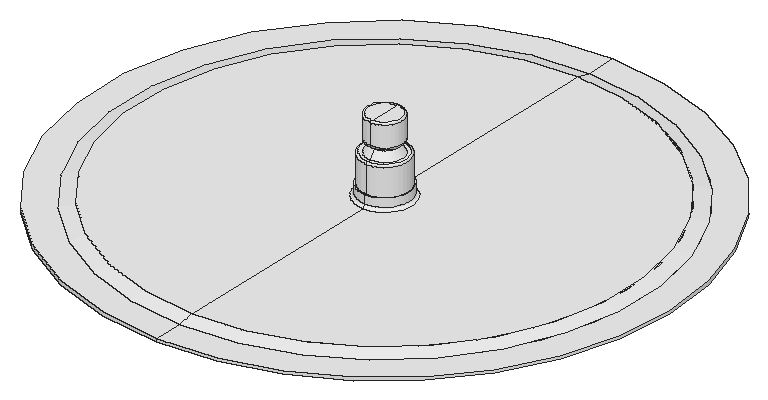
Revit family "ShowerHead-Vitra-LiteSeries-A45646", category Plumbing Fixtures, Revit 2017 (continued)
Automatic sketch dimensions
  plane 1 "Center (Front/Back)" to Extrusion 195 sketch curve = 45.963 mm
  plane 1 "Center (Front/Back)" to Extrusion 196 sketch curve = 30 mm
  plane 3 "Center (Left/Right)" to Extrusion 196 sketch curve = 51.962 mm
  plane 1 "Center (Front/Back)" to Extrusion 197 sketch curve = 10.419 mm
  plane 3 "Center (Left/Right)" to Extrusion 197 sketch curve = 59.088 mm
  Extrusion 198 sketch curve to plane 1 "Center (Front/Back)" = 10.419 mm
  plane 3 "Center (Left/Right)" to Extrusion 198 sketch curve = 59.088 mm
  Extrusion 199 sketch curve to plane 1 "Center (Front/Back)" = 30 mm
  plane 3 "Center (Left/Right)" to Extrusion 199 sketch curve = 51.962 mm
  plane 3 "Center (Left/Right)" to Extrusion 200 sketch curve = 38.567 mm
  Extrusion 200 sketch curve to plane 1 "Center (Front/Back)" = 45.963 mm
  Extrusion 201 sketch curve to plane 3 "Center (Left/Right)" = 0 mm
  Extrusion 201 sketch curve to plane 1 "Center (Front/Back)" = 40 mm
  plane 3 "Center (Left/Right)" to Extrusion 202 sketch curve = 20 mm
  Extrusion 202 sketch curve to plane 1 "Center (Front/Back)" = 34.641 mm
  Extrusion 203 sketch curve to plane 3 "Center (Left/Right)" = 20 mm
  Extrusion 203 sketch curve to plane 1 "Center (Front/Back)" = 34.641 mm
  Extrusion 204 sketch curve to plane 1 "Center (Front/Back)" = 20 mm
  Extrusion 204 sketch curve to plane 3 "Center (Left/Right)" = 34.641 mm
  plane 1 "Center (Front/Back)" to Extrusion 205 sketch curve = 0 mm
  Extrusion 205 sketch curve to plane 3 "Center (Left/Right)" = 40 mm
  plane 1 "Center (Front/Back)" to Extrusion 206 sketch curve = 20 mm
  Extrusion 206 sketch curve to plane 3 "Center (Left/Right)" = 34.641 mm
  Extrusion 207 sketch curve to plane 3 "Center (Left/Right)" = 20 mm
  plane 1 "Center (Front/Back)" to Extrusion 207 sketch curve = 34.641 mm
  Extrusion 208 sketch curve to plane 3 "Center (Left/Right)" = 0 mm
  plane 1 "Center (Front/Back)" to Extrusion 208 sketch curve = 40 mm
  plane 3 "Center (Left/Right)" to Extrusion 209 sketch curve = 20 mm
  plane 1 "Center (Front/Back)" to Extrusion 209 sketch curve = 34.641 mm
  plane 1 "Center (Front/Back)" to Extrusion 210 sketch curve = 20 mm
  plane 3 "Center (Left/Right)" to Extrusion 210 sketch curve = 34.641 mm
  plane 1 "Center (Front/Back)" to Extrusion 211 sketch curve = 0 mm
  plane 3 "Center (Left/Right)" to Extrusion 211 sketch curve = 40 mm
  Extrusion 212 sketch curve to plane 1 "Center (Front/Back)" = 20 mm
  plane 3 "Center (Left/Right)" to Extrusion 212 sketch curve = 34.641 mm
  Extrusion 213 sketch curve to plane 3 "Center (Left/Right)" = 0 mm
  Extrusion 213 sketch curve to plane 1 "Center (Front/Back)" = 20 mm
  Extrusion 214 sketch curve to plane 1 "Center (Front/Back)" = 10 mm
  plane 3 "Center (Left/Right)" to Extrusion 214 sketch curve = 17.321 mm
  Extrusion 215 sketch curve to plane 1 "Center (Front/Back)" = 10 mm
  Extrusion 215 sketch curve to plane 3 "Center (Left/Right)" = 17.321 mm
  plane 1 "Center (Front/Back)" to Extrusion 216 sketch curve = 10 mm
  Extrusion 216 sketch curve to plane 3 "Center (Left/Right)" = 17.321 mm
  Extrusion 217 sketch curve to plane 3 "Center (Left/Right)" = 0 mm
  plane 1 "Center (Front/Back)" to Extrusion 217 sketch curve = 20 mm
  plane 1 "Center (Front/Back)" to Extrusion 218 sketch curve = 10 mm
  plane 3 "Center (Left/Right)" to Extrusion 218 sketch curve = 17.321 mm
  plane 1 "Center (Front/Back)" to Extrusion 219 sketch curve = 0 mm
  Extrusion 219 sketch curve to plane 3 "Center (Left/Right)" = 0 mm
  Revolve 1 sketch curve to Revolve 1 sketch curve = 150.511 mm
  Extrusion 3 sketch curve to plane 1 "Center (Front/Back)" = 160.005 mm
  Extrusion 4 sketch curve to plane 1 "Center (Front/Back)" = 158.636 mm
  Extrusion 5 sketch curve to plane 1 "Center (Front/Back)" = 158.636 mm
  Extrusion 6 sketch curve to plane 1 "Center (Front/Back)" = 154.553 mm
  Extrusion 7 sketch curve to plane 1 "Center (Front/Back)" = 147.825 mm
  Extrusion 8 sketch curve to plane 1 "Center (Front/Back)" = 138.568 mm
  Extrusion 9 sketch curve to plane 1 "Center (Front/Back)" = 126.94 mm
  Extrusion 10 sketch curve to plane 1 "Center (Front/Back)" = 113.141 mm
  Extrusion 11 sketch curve to plane 1 "Center (Front/Back)" = 97.405 mm
  Extrusion 12 sketch curve to plane 1 "Center (Front/Back)" = 80.002 mm
  Extrusion 13 sketch curve to plane 1 "Center (Front/Back)" = 61.231 mm
  Extrusion 43 sketch curve to plane 1 "Center (Front/Back)" = 61.231 mm
  Extrusion 44 sketch curve to plane 1 "Center (Front/Back)" = 80.002 mm
  Extrusion 45 sketch curve to plane 1 "Center (Front/Back)" = 97.405 mm
  Extrusion 46 sketch curve to plane 1 "Center (Front/Back)" = 113.141 mm
  Extrusion 47 sketch curve to plane 1 "Center (Front/Back)" = 126.94 mm
  Extrusion 48 sketch curve to plane 1 "Center (Front/Back)" = 138.568 mm
  Extrusion 49 sketch curve to plane 1 "Center (Front/Back)" = 147.825 mm
  Extrusion 50 sketch curve to plane 1 "Center (Front/Back)" = 154.553 mm
  Extrusion 51 sketch curve to plane 1 "Center (Front/Back)" = 140.005 mm
  Extrusion 52 sketch curve to plane 1 "Center (Front/Back)" = 138.441 mm
  Extrusion 53 sketch curve to plane 1 "Center (Front/Back)" = 138.441 mm
  Extrusion 54 sketch curve to plane 1 "Center (Front/Back)" = 133.785 mm
  Extrusion 55 sketch curve to plane 1 "Center (Front/Back)" = 126.14 mm
  Extrusion 56 sketch curve to plane 1 "Center (Front/Back)" = 115.678 mm
  Extrusion 57 sketch curve to plane 1 "Center (Front/Back)" = 102.631 mm
  Extrusion 58 sketch curve to plane 1 "Center (Front/Back)" = 87.292 mm
  Extrusion 59 sketch curve to plane 1 "Center (Front/Back)" = 70.002 mm
  Extrusion 87 sketch curve to plane 1 "Center (Front/Back)" = 70.002 mm
  Extrusion 88 sketch curve to plane 1 "Center (Front/Back)" = 87.292 mm
  Extrusion 89 sketch curve to plane 1 "Center (Front/Back)" = 102.631 mm
  Extrusion 90 sketch curve to plane 1 "Center (Front/Back)" = 115.678 mm
  Extrusion 91 sketch curve to plane 1 "Center (Front/Back)" = 126.14 mm
  Extrusion 92 sketch curve to plane 1 "Center (Front/Back)" = 133.785 mm
  Extrusion 93 sketch curve to plane 1 "Center (Front/Back)" = 120 mm
  Extrusion 94 sketch curve to plane 1 "Center (Front/Back)" = 118.177 mm
  Extrusion 95 sketch curve to plane 1 "Center (Front/Back)" = 118.177 mm
  Extrusion 96 sketch curve to plane 1 "Center (Front/Back)" = 112.763 mm
  Extrusion 97 sketch curve to plane 1 "Center (Front/Back)" = 103.923 mm
  Extrusion 98 sketch curve to plane 1 "Center (Front/Back)" = 91.925 mm
  Extrusion 99 sketch curve to plane 1 "Center (Front/Back)" = 77.135 mm
  Extrusion 125 sketch curve to plane 1 "Center (Front/Back)" = 77.135 mm
  Extrusion 126 sketch curve to plane 1 "Center (Front/Back)" = 91.925 mm
  Extrusion 127 sketch curve to plane 1 "Center (Front/Back)" = 103.923 mm
  Extrusion 128 sketch curve to plane 1 "Center (Front/Back)" = 112.763 mm
  Extrusion 129 sketch curve to plane 1 "Center (Front/Back)" = 100 mm
  Extrusion 130 sketch curve to plane 1 "Center (Front/Back)" = 97.815 mm
  Extrusion 131 sketch curve to plane 1 "Center (Front/Back)" = 97.815 mm
  Extrusion 132 sketch curve to plane 1 "Center (Front/Back)" = 91.355 mm
  Extrusion 133 sketch curve to plane 1 "Center (Front/Back)" = 80.902 mm
  Extrusion 134 sketch curve to plane 1 "Center (Front/Back)" = 66.913 mm
  Extrusion 156 sketch curve to plane 1 "Center (Front/Back)" = 66.913 mm
  Extrusion 157 sketch curve to plane 1 "Center (Front/Back)" = 80.902 mm
  Extrusion 158 sketch curve to plane 1 "Center (Front/Back)" = 91.355 mm
  Extrusion 159 sketch curve to plane 1 "Center (Front/Back)" = 80 mm
  Extrusion 160 sketch curve to plane 1 "Center (Front/Back)" = 77.274 mm
  Extrusion 161 sketch curve to plane 1 "Center (Front/Back)" = 77.274 mm
  Extrusion 162 sketch curve to plane 1 "Center (Front/Back)" = 69.282 mm
  Extrusion 182 sketch curve to plane 1 "Center (Front/Back)" = 69.282 mm
  plane 3 "Center (Left/Right)" to Extrusion 31 sketch curve = 61.231 mm
  plane 3 "Center (Left/Right)" to Extrusion 32 sketch curve = 80.002 mm
  plane 3 "Center (Left/Right)" to Extrusion 33 sketch curve = 97.405 mm
  plane 3 "Center (Left/Right)" to Extrusion 34 sketch curve = 113.141 mm
  plane 3 "Center (Left/Right)" to Extrusion 35 sketch curve = 126.94 mm
  plane 3 "Center (Left/Right)" to Extrusion 36 sketch curve = 138.568 mm
  plane 3 "Center (Left/Right)" to Extrusion 37 sketch curve = 147.825 mm
  plane 3 "Center (Left/Right)" to Extrusion 38 sketch curve = 154.553 mm
  plane 3 "Center (Left/Right)" to Extrusion 39 sketch curve = 158.636 mm
  plane 3 "Center (Left/Right)" to Extrusion 40 sketch curve = 160.005 mm
  plane 3 "Center (Left/Right)" to Extrusion 41 sketch curve = 158.636 mm
  plane 3 "Center (Left/Right)" to Extrusion 42 sketch curve = 154.553 mm
  plane 3 "Center (Left/Right)" to Extrusion 43 sketch curve = 147.825 mm
  plane 3 "Center (Left/Right)" to Extrusion 44 sketch curve = 138.568 mm
  plane 3 "Center (Left/Right)" to Extrusion 45 sketch curve = 126.94 mm
  plane 3 "Center (Left/Right)" to Extrusion 46 sketch curve = 113.141 mm
  plane 3 "Center (Left/Right)" to Extrusion 47 sketch curve = 97.405 mm
  plane 3 "Center (Left/Right)" to Extrusion 48 sketch curve = 80.002 mm
  plane 3 "Center (Left/Right)" to Extrusion 49 sketch curve = 61.231 mm
  plane 3 "Center (Left/Right)" to Extrusion 76 sketch curve = 60.746 mm
  plane 3 "Center (Left/Right)" to Extrusion 77 sketch curve = 78.868 mm
  plane 3 "Center (Left/Right)" to Extrusion 78 sketch curve = 95.228 mm
  plane 3 "Center (Left/Right)" to Extrusion 79 sketch curve = 109.46 mm
  plane 3 "Center (Left/Right)" to Extrusion 80 sketch curve = 121.248 mm
  plane 3 "Center (Left/Right)" to Extrusion 81 sketch curve = 130.327 mm
  plane 3 "Center (Left/Right)" to Extrusion 82 sketch curve = 136.495 mm
  plane 3 "Center (Left/Right)" to Extrusion 83 sketch curve = 139.614 mm
  plane 3 "Center (Left/Right)" to Extrusion 84 sketch curve = 139.614 mm
  plane 3 "Center (Left/Right)" to Extrusion 85 sketch curve = 136.495 mm
  plane 3 "Center (Left/Right)" to Extrusion 86 sketch curve = 130.327 mm
  plane 3 "Center (Left/Right)" to Extrusion 87 sketch curve = 121.248 mm
  plane 3 "Center (Left/Right)" to Extrusion 88 sketch curve = 109.46 mm
  plane 3 "Center (Left/Right)" to Extrusion 89 sketch curve = 95.228 mm
  plane 3 "Center (Left/Right)" to Extrusion 90 sketch curve = 78.868 mm
  plane 3 "Center (Left/Right)" to Extrusion 91 sketch curve = 60.746 mm
  plane 3 "Center (Left/Right)" to Extrusion 116 sketch curve = 77.135 mm
  plane 3 "Center (Left/Right)" to Extrusion 117 sketch curve = 91.925 mm
  plane 3 "Center (Left/Right)" to Extrusion 118 sketch curve = 103.923 mm
  plane 3 "Center (Left/Right)" to Extrusion 119 sketch curve = 112.763 mm
  plane 3 "Center (Left/Right)" to Extrusion 120 sketch curve = 118.177 mm
  plane 3 "Center (Left/Right)" to Extrusion 121 sketch curve = 120 mm
  plane 3 "Center (Left/Right)" to Extrusion 122 sketch curve = 118.177 mm
  plane 3 "Center (Left/Right)" to Extrusion 123 sketch curve = 112.763 mm
  plane 3 "Center (Left/Right)" to Extrusion 124 sketch curve = 103.923 mm
  plane 3 "Center (Left/Right)" to Extrusion 125 sketch curve = 91.925 mm
  plane 3 "Center (Left/Right)" to Extrusion 126 sketch curve = 77.135 mm
  plane 3 "Center (Left/Right)" to Extrusion 149 sketch curve = 74.314 mm
  plane 3 "Center (Left/Right)" to Extrusion 150 sketch curve = 86.603 mm
  plane 3 "Center (Left/Right)" to Extrusion 151 sketch curve = 95.106 mm
  plane 3 "Center (Left/Right)" to Extrusion 152 sketch curve = 99.452 mm
  plane 3 "Center (Left/Right)" to Extrusion 153 sketch curve = 99.452 mm
  plane 3 "Center (Left/Right)" to Extrusion 154 sketch curve = 95.106 mm
  plane 3 "Center (Left/Right)" to Extrusion 155 sketch curve = 86.603 mm
  plane 3 "Center (Left/Right)" to Extrusion 156 sketch curve = 74.314 mm
  plane 3 "Center (Left/Right)" to Extrusion 176 sketch curve = 69.282 mm
  plane 3 "Center (Left/Right)" to Extrusion 177 sketch curve = 77.274 mm
  plane 3 "Center (Left/Right)" to Extrusion 178 sketch curve = 80 mm
  plane 3 "Center (Left/Right)" to Extrusion 179 sketch curve = 77.274 mm
  plane 3 "Center (Left/Right)" to Extrusion 180 sketch curve = 69.282 mm
  Extrusion 7 sketch curve to plane 3 "Center (Left/Right)" = 61.231 mm
  Extrusion 8 sketch curve to plane 3 "Center (Left/Right)" = 80.002 mm
  Extrusion 9 sketch curve to plane 3 "Center (Left/Right)" = 97.405 mm
  Extrusion 10 sketch curve to plane 3 "Center (Left/Right)" = 113.141 mm
  Extrusion 11 sketch curve to plane 3 "Center (Left/Right)" = 126.94 mm
  Extrusion 12 sketch curve to plane 3 "Center (Left/Right)" = 138.568 mm
  Extrusion 13 sketch curve to plane 3 "Center (Left/Right)" = 147.825 mm
  Extrusion 14 sketch curve to plane 3 "Center (Left/Right)" = 154.553 mm
  Extrusion 15 sketch curve to plane 3 "Center (Left/Right)" = 158.636 mm
  Extrusion 16 sketch curve to plane 3 "Center (Left/Right)" = 160.005 mm
  Extrusion 17 sketch curve to plane 3 "Center (Left/Right)" = 158.636 mm
  Extrusion 18 sketch curve to plane 3 "Center (Left/Right)" = 154.553 mm
  Extrusion 19 sketch curve to plane 3 "Center (Left/Right)" = 147.825 mm
  Extrusion 20 sketch curve to plane 3 "Center (Left/Right)" = 138.568 mm
  Extrusion 21 sketch curve to plane 3 "Center (Left/Right)" = 126.94 mm
  Extrusion 22 sketch curve to plane 3 "Center (Left/Right)" = 113.141 mm
  Extrusion 23 sketch curve to plane 3 "Center (Left/Right)" = 97.405 mm
  Extrusion 24 sketch curve to plane 3 "Center (Left/Right)" = 80.002 mm
  Extrusion 25 sketch curve to plane 3 "Center (Left/Right)" = 61.231 mm
  Extrusion 55 sketch curve to plane 3 "Center (Left/Right)" = 60.746 mm
  Extrusion 56 sketch curve to plane 3 "Center (Left/Right)" = 78.868 mm
  Extrusion 57 sketch curve to plane 3 "Center (Left/Right)" = 95.228 mm
  Extrusion 58 sketch curve to plane 3 "Center (Left/Right)" = 109.46 mm
  Extrusion 59 sketch curve to plane 3 "Center (Left/Right)" = 121.248 mm
  Extrusion 60 sketch curve to plane 3 "Center (Left/Right)" = 130.327 mm
  Extrusion 61 sketch curve to plane 3 "Center (Left/Right)" = 136.495 mm
  Extrusion 62 sketch curve to plane 3 "Center (Left/Right)" = 139.614 mm
  Extrusion 63 sketch curve to plane 3 "Center (Left/Right)" = 139.614 mm
  Extrusion 64 sketch curve to plane 3 "Center (Left/Right)" = 136.495 mm
  Extrusion 65 sketch curve to plane 3 "Center (Left/Right)" = 130.327 mm
  Extrusion 66 sketch curve to plane 3 "Center (Left/Right)" = 121.248 mm
  Extrusion 67 sketch curve to plane 3 "Center (Left/Right)" = 109.46 mm
  Extrusion 68 sketch curve to plane 3 "Center (Left/Right)" = 95.228 mm
  Extrusion 69 sketch curve to plane 3 "Center (Left/Right)" = 78.868 mm
  Extrusion 70 sketch curve to plane 3 "Center (Left/Right)" = 60.746 mm
  Extrusion 98 sketch curve to plane 3 "Center (Left/Right)" = 77.135 mm
  Extrusion 99 sketch curve to plane 3 "Center (Left/Right)" = 91.925 mm
  Extrusion 100 sketch curve to plane 3 "Center (Left/Right)" = 103.923 mm
  Extrusion 101 sketch curve to plane 3 "Center (Left/Right)" = 112.763 mm
  Extrusion 102 sketch curve to plane 3 "Center (Left/Right)" = 118.177 mm
  Extrusion 103 sketch curve to plane 3 "Center (Left/Right)" = 120 mm
  Extrusion 104 sketch curve to plane 3 "Center (Left/Right)" = 118.177 mm
  Extrusion 105 sketch curve to plane 3 "Center (Left/Right)" = 112.763 mm
  Extrusion 106 sketch curve to plane 3 "Center (Left/Right)" = 103.923 mm
  Extrusion 107 sketch curve to plane 3 "Center (Left/Right)" = 91.925 mm
  Extrusion 108 sketch curve to plane 3 "Center (Left/Right)" = 77.135 mm
  Extrusion 134 sketch curve to plane 3 "Center (Left/Right)" = 74.314 mm
  Extrusion 135 sketch curve to plane 3 "Center (Left/Right)" = 86.603 mm
  Extrusion 136 sketch curve to plane 3 "Center (Left/Right)" = 95.106 mm
  Extrusion 137 sketch curve to plane 3 "Center (Left/Right)" = 99.452 mm
  Extrusion 138 sketch curve to plane 3 "Center (Left/Right)" = 99.452 mm
  Extrusion 139 sketch curve to plane 3 "Center (Left/Right)" = 95.106 mm
  Extrusion 140 sketch curve to plane 3 "Center (Left/Right)" = 86.603 mm
  Extrusion 141 sketch curve to plane 3 "Center (Left/Right)" = 74.314 mm
  Extrusion 164 sketch curve to plane 3 "Center (Left/Right)" = 69.282 mm
  Extrusion 165 sketch curve to plane 3 "Center (Left/Right)" = 77.274 mm
  Extrusion 166 sketch curve to plane 3 "Center (Left/Right)" = 80 mm
  Extrusion 167 sketch curve to plane 3 "Center (Left/Right)" = 77.274 mm
  Extrusion 168 sketch curve to plane 3 "Center (Left/Right)" = 69.282 mm
  plane 1 "Center (Front/Back)" to Extrusion 19 sketch curve = 61.231 mm
  plane 1 "Center (Front/Back)" to Extrusion 20 sketch curve = 80.002 mm
  plane 1 "Center (Front/Back)" to Extrusion 21 sketch curve = 97.405 mm
  plane 1 "Center (Front/Back)" to Extrusion 22 sketch curve = 113.141 mm
  plane 1 "Center (Front/Back)" to Extrusion 23 sketch curve = 126.94 mm
  plane 1 "Center (Front/Back)" to Extrusion 24 sketch curve = 138.568 mm
  plane 1 "Center (Front/Back)" to Extrusion 25 sketch curve = 147.825 mm
  plane 1 "Center (Front/Back)" to Extrusion 26 sketch curve = 154.553 mm
  plane 1 "Center (Front/Back)" to Extrusion 27 sketch curve = 158.636 mm
  plane 1 "Center (Front/Back)" to Extrusion 28 sketch curve = 160.005 mm
  plane 1 "Center (Front/Back)" to Extrusion 29 sketch curve = 158.636 mm
  plane 1 "Center (Front/Back)" to Extrusion 30 sketch curve = 154.553 mm
  plane 1 "Center (Front/Back)" to Extrusion 31 sketch curve = 147.825 mm
  plane 1 "Center (Front/Back)" to Extrusion 32 sketch curve = 138.568 mm
  plane 1 "Center (Front/Back)" to Extrusion 33 sketch curve = 126.94 mm
  plane 1 "Center (Front/Back)" to Extrusion 34 sketch curve = 113.141 mm
  plane 1 "Center (Front/Back)" to Extrusion 35 sketch curve = 97.405 mm
  plane 1 "Center (Front/Back)" to Extrusion 36 sketch curve = 80.002 mm
  plane 1 "Center (Front/Back)" to Extrusion 37 sketch curve = 61.231 mm
  plane 1 "Center (Front/Back)" to Extrusion 66 sketch curve = 70.002 mm
  plane 1 "Center (Front/Back)" to Extrusion 67 sketch curve = 87.292 mm
  plane 1 "Center (Front/Back)" to Extrusion 68 sketch curve = 102.631 mm
  plane 1 "Center (Front/Back)" to Extrusion 69 sketch curve = 115.678 mm
  plane 1 "Center (Front/Back)" to Extrusion 70 sketch curve = 126.14 mm
  plane 1 "Center (Front/Back)" to Extrusion 71 sketch curve = 133.785 mm
  plane 1 "Center (Front/Back)" to Extrusion 72 sketch curve = 138.441 mm
  plane 1 "Center (Front/Back)" to Extrusion 73 sketch curve = 140.005 mm
  plane 1 "Center (Front/Back)" to Extrusion 74 sketch curve = 138.441 mm
  plane 1 "Center (Front/Back)" to Extrusion 75 sketch curve = 133.785 mm
  plane 1 "Center (Front/Back)" to Extrusion 76 sketch curve = 126.14 mm
  plane 1 "Center (Front/Back)" to Extrusion 77 sketch curve = 115.678 mm
  plane 1 "Center (Front/Back)" to Extrusion 78 sketch curve = 102.631 mm
  plane 1 "Center (Front/Back)" to Extrusion 79 sketch curve = 87.292 mm
  plane 1 "Center (Front/Back)" to Extrusion 80 sketch curve = 70.002 mm
  plane 1 "Center (Front/Back)" to Extrusion 107 sketch curve = 77.135 mm
  plane 1 "Center (Front/Back)" to Extrusion 108 sketch curve = 91.925 mm
  plane 1 "Center (Front/Back)" to Extrusion 109 sketch curve = 103.923 mm
  plane 1 "Center (Front/Back)" to Extrusion 110 sketch curve = 112.763 mm
  plane 1 "Center (Front/Back)" to Extrusion 111 sketch curve = 118.177 mm
  plane 1 "Center (Front/Back)" to Extrusion 112 sketch curve = 120 mm
  plane 1 "Center (Front/Back)" to Extrusion 113 sketch curve = 118.177 mm
  plane 1 "Center (Front/Back)" to Extrusion 114 sketch curve = 112.763 mm
  plane 1 "Center (Front/Back)" to Extrusion 115 sketch curve = 103.923 mm
  plane 1 "Center (Front/Back)" to Extrusion 116 sketch curve = 91.925 mm
  plane 1 "Center (Front/Back)" to Extrusion 117 sketch curve = 77.135 mm
  plane 1 "Center (Front/Back)" to Extrusion 141 sketch curve = 66.913 mm
  plane 1 "Center (Front/Back)" to Extrusion 142 sketch curve = 80.902 mm
  plane 1 "Center (Front/Back)" to Extrusion 143 sketch curve = 91.355 mm
  plane 1 "Center (Front/Back)" to Extrusion 144 sketch curve = 97.815 mm
  plane 1 "Center (Front/Back)" to Extrusion 145 sketch curve = 100 mm
  plane 1 "Center (Front/Back)" to Extrusion 146 sketch curve = 97.815 mm
  plane 1 "Center (Front/Back)" to Extrusion 147 sketch curve = 91.355 mm
  plane 1 "Center (Front/Back)" to Extrusion 148 sketch curve = 80.902 mm
  plane 1 "Center (Front/Back)" to Extrusion 149 sketch curve = 66.913 mm
  plane 1 "Center (Front/Back)" to Extrusion 170 sketch curve = 69.282 mm
  plane 1 "Center (Front/Back)" to Extrusion 171 sketch curve = 77.274 mm
  plane 1 "Center (Front/Back)" to Extrusion 172 sketch curve = 80 mm
  plane 1 "Center (Front/Back)" to Extrusion 173 sketch curve = 77.274 mm
  plane 1 "Center (Front/Back)" to Extrusion 174 sketch curve = 69.282 mm
  plane 1 "Center (Front/Back)" to Extrusion 220 sketch curve = 0 mm
  Extrusion 220 sketch curve to plane 3 "Center (Left/Right)" = 0 mm
  radius of Extrusion 2 sketch curve = 200 mm
  radius of Extrusion 3 sketch curve = 3 mm
  radius of Extrusion 4 sketch curve = 3 mm
  radius of Extrusion 5 sketch curve = 3 mm
  radius of Extrusion 6 sketch curve = 3 mm
  radius of Extrusion 7 sketch curve = 3 mm
  radius of Extrusion 8 sketch curve = 3 mm
  radius of Extrusion 9 sketch curve = 3 mm
  radius of Extrusion 10 sketch curve = 3 mm
  radius of Extrusion 11 sketch curve = 3 mm
  radius of Extrusion 12 sketch curve = 3 mm
  radius of Extrusion 13 sketch curve = 3 mm
  radius of Extrusion 14 sketch curve = 3 mm
  radius of Extrusion 15 sketch curve = 3 mm
  radius of Extrusion 16 sketch curve = 3 mm
  radius of Extrusion 17 sketch curve = 3 mm
  radius of Extrusion 18 sketch curve = 3 mm
  radius of Extrusion 19 sketch curve = 3 mm
  radius of Extrusion 20 sketch curve = 3 mm
  radius of Extrusion 21 sketch curve = 3 mm
  radius of Extrusion 22 sketch curve = 3 mm
  radius of Extrusion 23 sketch curve = 3 mm
  radius of Extrusion 24 sketch curve = 3 mm
  radius of Extrusion 25 sketch curve = 3 mm
  radius of Extrusion 26 sketch curve = 3 mm
  radius of Extrusion 27 sketch curve = 3 mm
  radius of Extrusion 28 sketch curve = 3 mm
  radius of Extrusion 29 sketch curve = 3 mm
  radius of Extrusion 30 sketch curve = 3 mm
  radius of Extrusion 31 sketch curve = 3 mm
  radius of Extrusion 32 sketch curve = 3 mm
  radius of Extrusion 33 sketch curve = 3 mm
  radius of Extrusion 34 sketch curve = 3 mm
  radius of Extrusion 35 sketch curve = 3 mm
  radius of Extrusion 36 sketch curve = 3 mm
  radius of Extrusion 37 sketch curve = 3 mm
  radius of Extrusion 38 sketch curve = 3 mm
  radius of Extrusion 39 sketch curve = 3 mm
  radius of Extrusion 40 sketch curve = 3 mm
  radius of Extrusion 41 sketch curve = 3 mm
  radius of Extrusion 42 sketch curve = 3 mm
  radius of Extrusion 43 sketch curve = 3 mm
  radius of Extrusion 44 sketch curve = 3 mm
  radius of Extrusion 45 sketch curve = 3 mm
  radius of Extrusion 46 sketch curve = 3 mm
  radius of Extrusion 47 sketch curve = 3 mm
  radius of Extrusion 48 sketch curve = 3 mm
  radius of Extrusion 49 sketch curve = 3 mm
  radius of Extrusion 50 sketch curve = 3 mm
  radius of Extrusion 51 sketch curve = 3 mm
  radius of Extrusion 52 sketch curve = 3 mm
  radius of Extrusion 53 sketch curve = 3 mm
  radius of Extrusion 54 sketch curve = 3 mm
  radius of Extrusion 55 sketch curve = 3 mm
  radius of Extrusion 56 sketch curve = 3 mm
  radius of Extrusion 57 sketch curve = 3 mm
  radius of Extrusion 58 sketch curve = 3 mm
  radius of Extrusion 59 sketch curve = 3 mm
  radius of Extrusion 60 sketch curve = 3 mm
  radius of Extrusion 61 sketch curve = 3 mm
  radius of Extrusion 62 sketch curve = 3 mm
  radius of Extrusion 63 sketch curve = 3 mm
  radius of Extrusion 64 sketch curve = 3 mm
  radius of Extrusion 65 sketch curve = 3 mm
  radius of Extrusion 66 sketch curve = 3 mm
  radius of Extrusion 67 sketch curve = 3 mm
  radius of Extrusion 68 sketch curve = 3 mm
  radius of Extrusion 69 sketch curve = 3 mm
  radius of Extrusion 70 sketch curve = 3 mm
  radius of Extrusion 71 sketch curve = 3 mm
  radius of Extrusion 72 sketch curve = 3 mm
  radius of Extrusion 73 sketch curve = 3 mm
  radius of Extrusion 74 sketch curve = 3 mm
  radius of Extrusion 75 sketch curve = 3 mm
  radius of Extrusion 76 sketch curve = 3 mm
  radius of Extrusion 77 sketch curve = 3 mm
  radius of Extrusion 78 sketch curve = 3 mm
  radius of Extrusion 79 sketch curve = 3 mm
  radius of Extrusion 80 sketch curve = 3 mm
  radius of Extrusion 81 sketch curve = 3 mm
  radius of Extrusion 82 sketch curve = 3 mm
  radius of Extrusion 83 sketch curve = 3 mm
  radius of Extrusion 84 sketch curve = 3 mm
  radius of Extrusion 85 sketch curve = 3 mm
  radius of Extrusion 86 sketch curve = 3 mm
  radius of Extrusion 87 sketch curve = 3 mm
  radius of Extrusion 88 sketch curve = 3 mm
  radius of Extrusion 89 sketch curve = 3 mm
  radius of Extrusion 90 sketch curve = 3 mm
  radius of Extrusion 91 sketch curve = 3 mm
  radius of Extrusion 92 sketch curve = 3 mm
  radius of Extrusion 93 sketch curve = 3 mm
  radius of Extrusion 94 sketch curve = 3 mm
  radius of Extrusion 95 sketch curve = 3 mm
  radius of Extrusion 96 sketch curve = 3 mm
  radius of Extrusion 97 sketch curve = 3 mm
  radius of Extrusion 98 sketch curve = 3 mm
  radius of Extrusion 99 sketch curve = 3 mm
  radius of Extrusion 100 sketch curve = 3 mm
  radius of Extrusion 101 sketch curve = 3 mm
  radius of Extrusion 102 sketch curve = 3 mm
  radius of Extrusion 103 sketch curve = 3 mm
  radius of Extrusion 104 sketch curve = 3 mm
  radius of Extrusion 105 sketch curve = 3 mm
  radius of Extrusion 106 sketch curve = 3 mm
  radius of Extrusion 107 sketch curve = 3 mm
  radius of Extrusion 108 sketch curve = 3 mm
  radius of Extrusion 109 sketch curve = 3 mm
  radius of Extrusion 110 sketch curve = 3 mm
  radius of Extrusion 111 sketch curve = 3 mm
  radius of Extrusion 112 sketch curve = 3 mm
  radius of Extrusion 113 sketch curve = 3 mm
  radius of Extrusion 114 sketch curve = 3 mm
  radius of Extrusion 115 sketch curve = 3 mm
  radius of Extrusion 116 sketch curve = 3 mm
  radius of Extrusion 117 sketch curve = 3 mm
  radius of Extrusion 118 sketch curve = 3 mm
  radius of Extrusion 119 sketch curve = 3 mm
  radius of Extrusion 120 sketch curve = 3 mm
  radius of Extrusion 121 sketch curve = 3 mm
  radius of Extrusion 122 sketch curve = 3 mm
  radius of Extrusion 123 sketch curve = 3 mm
  radius of Extrusion 124 sketch curve = 3 mm
  radius of Extrusion 125 sketch curve = 3 mm
  radius of Extrusion 126 sketch curve = 3 mm
  radius of Extrusion 127 sketch curve = 3 mm
  radius of Extrusion 128 sketch curve = 3 mm
  radius of Extrusion 129 sketch curve = 3 mm
  radius of Extrusion 130 sketch curve = 3 mm
  radius of Extrusion 131 sketch curve = 3 mm
  radius of Extrusion 132 sketch curve = 3 mm
  radius of Extrusion 133 sketch curve = 3 mm
  radius of Extrusion 134 sketch curve = 3 mm
  radius of Extrusion 135 sketch curve = 3 mm
  radius of Extrusion 136 sketch curve = 3 mm
  radius of Extrusion 137 sketch curve = 3 mm
  radius of Extrusion 138 sketch curve = 3 mm
  radius of Extrusion 139 sketch curve = 3 mm
  radius of Extrusion 140 sketch curve = 3 mm
  radius of Extrusion 141 sketch curve = 3 mm
  radius of Extrusion 142 sketch curve = 3 mm
  radius of Extrusion 143 sketch curve = 3 mm
  radius of Extrusion 144 sketch curve = 3 mm
  radius of Extrusion 145 sketch curve = 3 mm
  radius of Extrusion 146 sketch curve = 3 mm
  radius of Extrusion 147 sketch curve = 3 mm
  radius of Extrusion 148 sketch curve = 3 mm
  radius of Extrusion 149 sketch curve = 3 mm
  radius of Extrusion 150 sketch curve = 3 mm
  radius of Extrusion 151 sketch curve = 3 mm
  radius of Extrusion 152 sketch curve = 3 mm
  radius of Extrusion 153 sketch curve = 3 mm
  radius of Extrusion 154 sketch curve = 3 mm
  radius of Extrusion 155 sketch curve = 3 mm
  radius of Extrusion 156 sketch curve = 3 mm
  radius of Extrusion 157 sketch curve = 3 mm
  radius of Extrusion 158 sketch curve = 3 mm
  radius of Extrusion 159 sketch curve = 3 mm
  radius of Extrusion 160 sketch curve = 3 mm
  radius of Extrusion 161 sketch curve = 3 mm
  radius of Extrusion 162 sketch curve = 3 mm
  radius of Extrusion 163 sketch curve = 3 mm
  radius of Extrusion 164 sketch curve = 3 mm
  radius of Extrusion 165 sketch curve = 3 mm
  radius of Extrusion 166 sketch curve = 3 mm
  radius of Extrusion 167 sketch curve = 3 mm
  radius of Extrusion 168 sketch curve = 3 mm
  radius of Extrusion 169 sketch curve = 3 mm
  radius of Extrusion 170 sketch curve = 3 mm
  radius of Extrusion 171 sketch curve = 3 mm
  radius of Extrusion 172 sketch curve = 3 mm
  radius of Extrusion 173 sketch curve = 3 mm
  radius of Extrusion 174 sketch curve = 3 mm
  radius of Extrusion 175 sketch curve = 3 mm
  radius of Extrusion 176 sketch curve = 3 mm
  radius of Extrusion 177 sketch curve = 3 mm
  radius of Extrusion 178 sketch curve = 3 mm
  radius of Extrusion 179 sketch curve = 3 mm
  radius of Extrusion 180 sketch curve = 3 mm
  radius of Extrusion 181 sketch curve = 3 mm
  radius of Extrusion 182 sketch curve = 3 mm
  radius of Extrusion 183 sketch curve = 3 mm
  radius of Extrusion 184 sketch curve = 3 mm
  radius of Extrusion 185 sketch curve = 3 mm
  radius of Extrusion 186 sketch curve = 3 mm
  radius of Extrusion 187 sketch curve = 3 mm
  radius of Extrusion 188 sketch curve = 3 mm
  radius of Extrusion 189 sketch curve = 3 mm
  radius of Extrusion 190 sketch curve = 3 mm
  radius of Extrusion 191 sketch curve = 3 mm
  radius of Extrusion 192 sketch curve = 3 mm
  radius of Extrusion 193 sketch curve = 3 mm
  radius of Extrusion 194 sketch curve = 3 mm
  radius of Extrusion 195 sketch curve = 3 mm
  radius of Extrusion 196 sketch curve = 3 mm
  radius of Extrusion 197 sketch curve = 3 mm
  radius of Extrusion 198 sketch curve = 3 mm
  radius of Extrusion 199 sketch curve = 3 mm
  radius of Extrusion 200 sketch curve = 3 mm
  radius of Extrusion 201 sketch curve = 3 mm
  radius of Extrusion 202 sketch curve = 3 mm
  radius of Extrusion 203 sketch curve = 3 mm
  radius of Extrusion 204 sketch curve = 3 mm
  radius of Extrusion 205 sketch curve = 3 mm
  radius of Extrusion 206 sketch curve = 3 mm
  radius of Extrusion 207 sketch curve = 3 mm
  radius of Extrusion 208 sketch curve = 3 mm
  radius of Extrusion 209 sketch curve = 3 mm
  radius of Extrusion 210 sketch curve = 3 mm
  radius of Extrusion 211 sketch curve = 3 mm
  radius of Extrusion 212 sketch curve = 3 mm
  radius of Extrusion 213 sketch curve = 3 mm
  radius of Extrusion 214 sketch curve = 3 mm
  radius of Extrusion 215 sketch curve = 3 mm
  radius of Extrusion 216 sketch curve = 3 mm
  radius of Extrusion 217 sketch curve = 3 mm
  radius of Extrusion 218 sketch curve = 3 mm
  radius of Extrusion 219 sketch curve = 3 mm
  radius of Extrusion 220 sketch curve = 200.021 mm
Connectors
  piping at (0, 0, 0), diameter 15, driven by "Connection Diameter (mm)", driven by "HW Connection"
    settings: on Revolve 1, index 1, connector inside diameter 609.6 mm, connector length 0 mm, flow factor 0, pipe flow 0.0 L/s, pressure drop 0.0 Pa, fitting loss kfactor 0, connector angle 0.00°, fixture units 0, engagement length 0 mm, angle of deflection 0.00°, flow configuration 0, flow direction 1, fitting loss method 0, system type 22, joint type 0, gender type 0, connector reference index -1, connector utility 1, adjustable connector no, is connector primary yes, connector description "Hot&Cold Water"
Types (4, lengths in mm): name | Technical description | Product url | Product SKU | Model | Color | Coating Material | Brand | Article No. (default)
  ShowerHead-Vitra-LiteSeries-A45646 | "https://www.vitra.com.tr/pdf/A45646/" | "https://www.vitra.com.tr/dus-sistemleri/dus-basliklari/dus-basliklari/lite-lc-dus-basligi-sku-A45646/" | "A45646" | "A45646" | "Chrome" | Chrome | "Artema" | "A45646"
  ShowerHead-Vitra-LiteSeries-A4564623 | "https://www.vitra.com.tr/pdf/A4564623/" | "https://www.vitra.com.tr/dus-sistemleri/dus-basliklari/dus-basliklari/lite-lc-dus-basligi-sku-A4564623/" | "A4564623" | "A4564623" | "Gold" | Gold | "Artema" | "A4564623"
  ShowerHead-Vitra-LiteSeries-A45646EXP | "https://www.vitraglobal.com/shower-systems/shower-heads/shower-heads/" | "https://www.vitraglobal.com/shower-systems/shower-heads/shower-heads/" | "A45646EXP" | "A45646EXP" | "Chrome" | Chrome | "VitrA" | "A45646EXP"
  ShowerHead-Vitra-LiteSeries-A4564623EXP | "https://www.vitra-india.com/" | "https://www.vitra-india.com/" | "A4564623EXP" | "A4564623EXP" | "Gold" | Gold | "VitrA" | "A4564623EXP"
